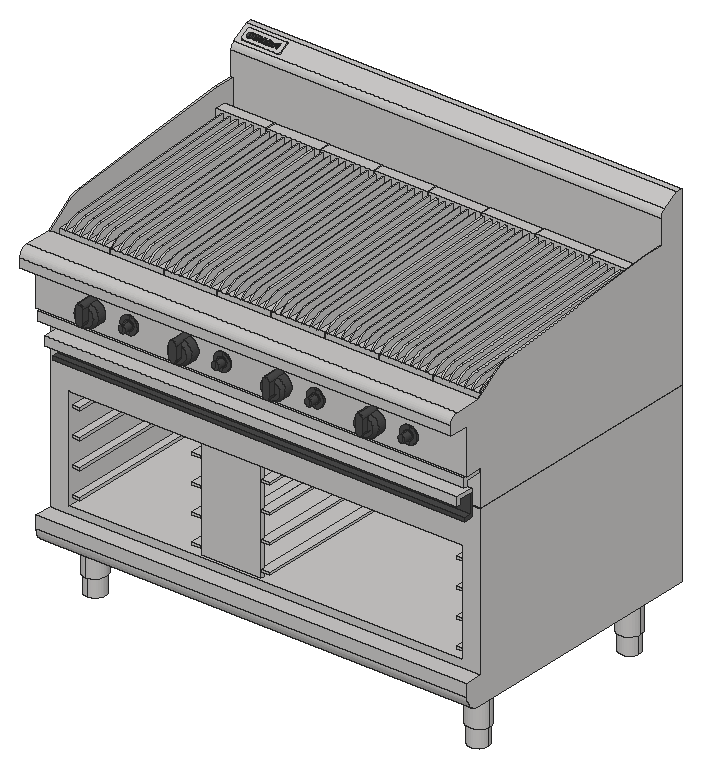
Revit family "QF_MOFFAT WALDORF_CH8120G-CB", category Specialty Equipment, Revit 2012 (continued)
Definition of nested family "WALDORF LOGO_FACE BASE"
  Forms (mm)
    Extrusion 3, solid, material "QF_Finishes_Black", visible <- "Show Logo"
      sketch origin (0, -33.217, 1.588) x (1, 0, 0) y (0, 1, 0)
        loop
          arc (47.922, 16.222) -> (45.742, 16.014) -> (43.665, 15.317) r 9.604
          arc (43.665, 15.317) -> (41.924, 12.809) -> (43.665, 10.301) r 2.677
          arc (43.665, 10.301) -> (45.527, 10.353) -> (47.332, 10.816) r 8.365
          line (47.332, 10.816) -> (48.092, 11.105) -> (48.092, 10.301) -> (51.817, 10.301) -> (51.817, 17.055)
          spline (51.817, 17.055) -> (51.654, 17.821) -> (51.178, 18.535) -> (50.419, 19.148) -> (49.431, 19.619) -> (48.28, 19.914) -> (47.044, 20.015) -> (45.809, 19.914) -> (44.658, 19.619) -> (43.67, 19.148) -> (42.911, 18.535) -> (42.434, 17.821) -> (42.272, 17.055)
        loop
          line (53.151, 23.214) -> (53.151, 10.301) -> (57.37, 10.301) -> (57.37, 23.214) -> (53.151, 23.214)
        loop
          line (64.874, 23.214) -> (64.874, 18.857)
          arc (64.874, 18.857) -> (58.083, 15.11) -> (64.874, 11.363) r 4.429
          line (64.874, 11.363) -> (64.874, 10.301) -> (68.378, 10.301) -> (68.378, 23.214) -> (64.874, 23.214)
        loop
          arc (64.874, 16.083) -> (61.41, 14.987) -> (64.874, 13.891) r 1.905
          line (64.874, 13.891) -> (64.874, 16.083)
        loop
          circle (74.623, 15.223) r 5
        loop
          spline (74.623, 17.856) -> (74.355, 17.766) -> (74.105, 17.503) -> (73.891, 17.084) -> (73.726, 16.539) -> (73.623, 15.904) -> (73.588, 15.223) -> (73.623, 14.541) -> (73.726, 13.906) -> (73.891, 13.361) -> (74.105, 12.942) -> (74.355, 12.679) -> (74.623, 12.59)
          spline (74.623, 12.59) -> (74.891, 12.679) -> (75.141, 12.942) -> (75.355, 13.361) -> (75.52, 13.906) -> (75.623, 14.541) -> (75.659, 15.223) -> (75.623, 15.904) -> (75.52, 16.539) -> (75.355, 17.084) -> (75.141, 17.503) -> (74.891, 17.766) -> (74.623, 17.856)
        loop
          line (81.255, 19.813) -> (81.255, 10.301) -> (84.834, 10.301) -> (84.834, 14.176)
          arc (84.834, 14.176) -> (85.854, 16.093) -> (88.013, 16.32) r 2.313
          line (88.013, 16.32) -> (88.013, 19.813) -> (87.161, 19.813)
          arc (87.161, 19.813) -> (85.526, 19.266) -> (84.549, 17.844) r 2.717
          line (84.549, 17.844) -> (84.549, 19.813) -> (81.255, 19.813)
        loop
          line (90.249, 19.813) -> (88.91, 19.813) -> (88.91, 17.614) -> (90.249, 17.614) -> (90.249, 10.301) -> (93.998, 10.301) -> (93.998, 17.614) -> (95.418, 17.614) -> (95.418, 19.813) -> (93.998, 19.813)
          arc (93.998, 19.813) -> (94.414, 20.817) -> (95.418, 21.233) r 1.42
          line (95.418, 21.233) -> (95.418, 23.602) -> (93.317, 23.602)
          arc (93.317, 23.602) -> (91.343, 22.903) -> (90.249, 21.118) r 3.137
          line (90.249, 21.118) -> (90.249, 19.813)
        loop
          arc (15.241, 23.571) -> (8.392, 16.525) -> (15.241, 9.479) r 7.049
          line (15.241, 9.479) -> (15.241, 23.571)
        loop
          line (15.641, 23.571) -> (15.641, 9.479)
          arc (15.641, 9.479) -> (22.49, 16.525) -> (15.641, 23.571) r 7.049
        loop
          arc (47.922, 14.711) -> (46.266, 13.749) -> (47.922, 12.787) r 1.107
          line (47.922, 12.787) -> (47.922, 14.711)
      from 0 to 0.2
  Dimensions and locks
    aligned and locked: plane 2 to Extrusion 1
    aligned and locked: level to Extrusion 1
